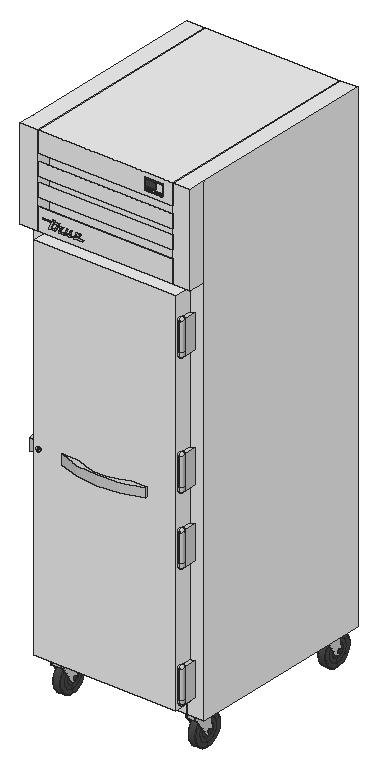
Revit family
Parameters
  Weight in Pounds = 0
  Watts = 1500 W
  Volts = 208 V
  URL Cutsheet = "www.truemfg.com"
  URL = "www.truemfg.com"
  Type Mark [instance] = ""
  Type Comments = ""
  Status [instance] = ""
  Specification by User [instance] = ""
  Specification by Manufacturer = ""
  Show Seismic Flanged [instance] = no
  Show Logo [instance] = yes
  Show Legs [instance] = no
  Show Clearance [instance] = yes
  Serial Number = ""
  Seismic Rating = ""
  Seismic Plate [instance] = and(Show Seismic Flanged, not(Show Casters))  # no
  SMACNA No = ""
  Revision Code [instance] = ""
  Phase = 1
  Omniclass Number and Title = ""
  Number of Poles [instance] = 1
  NAFEM Spec ID Number = ""
  Model = "STA1H-1S"
  Min Ckt Ampacity = 0 A
  Max Overcurrent Protection = 0 A
  Masterspec = ""
  Manufacturer = "TRUE FOOD SERVICE EQUIPMENT, INC."
  Length = 27 1/2"
  Legs [instance] = or(Show Legs, Show Seismic Flanged)  # no
  Item Number [instance] = ""
  Installed By [instance] = ""
  Identify Quantity as Lot [instance] = yes
  Height = 77 3/4"
  HP = ""
  Furnished By [instance] = ""
  Foodservice Equipment Identifier [instance] = yes
  FL Amps = Watts / Volts  # 7.21154 A
  Electrical Remarks [instance] = ""
  Electric Connection Type [instance] = ""
  Elec Conn RI Height [instance] = 0"
  Elec Conn Connection Height [instance] = 0"
  Description = "Reach-in Solid Swing Door Heated Cabinet"
  Depth = 33 3/4"
  Cycle = 60 Hz
  Conn Plug = "6-15P"
  Conn Conduit = yes
  Show Casters [instance] = and(not(if(Show Legs, Show Legs, Show Legs)), not(if(Show Legs, Show Legs, Show Seismic Flanged)))  # yes
  CSI MasterFormat = ""
  CSI Master Format = ""
  Apparent Power = if(Phase = 3, Volts * FL Amps * 1.73, Volts * FL Amps)  # 1500 VA
Reference planes (in)
  plane 1 "BACK": y = 0
  plane 2: z = 0
  plane 3 "LEFT": x = 0
  plane 4 "RIGHT": x = 27.5
  plane 5 "FRONT": y = -33.75
  plane 6 "TOP": z = 84.125
  plane 7: z = 6.125
  plane 8: x = 2.84375
  plane 9: y = -33.7042
Forms (in)
  Extrusion 1, solid, material "QF_Finishes_Chrome - Satin"
    sketch origin (0.05, 0, 0) x (1, 0, 0) y (0, 1, 0)
      loop
        line (-0.05, 0) -> (-0.05, -31) -> (2.87859, -31) -> (2.87859, 0) -> (-0.05, 0)
    from 6.125 to 84.125
  Extrusion 2, solid, material "QF_Finishes_Chrome - Satin"
    sketch origin (50.15, 0, 0) x (1, 0, 0) y (0, 1, 0)
      loop
        line (-25.44375, 0) -> (-25.44375, -31) -> (-22.65, -31) -> (-22.65, 0) -> (-25.44375, 0)
    from 6.125 to 84.125
  Extrusion 3, solid, material "QF_Finishes_Chrome - Satin"
    sketch origin (0, 0, 0) x (0, 1, 0) y (0, 0, 1)
      loop
        line (-33.7042, 69.5) -> (-31, 69.5) -> (-31, 6.125) -> (0, 6.125) -> (0, 84.125) -> (-33.7042, 84.125) -> (-33.7042, 80.78078) -> (-31.5, 79.21352) -> (-31.5, 78.09125) -> (-33.7042, 79.65851) -> (-33.7042, 77.5248) -> (-31.5, 75.95754) -> (-31.5, 74.99678) -> (-33.7042, 76.56404) -> (-33.7042, 74.46784) -> (-31.5, 72.90057) -> (-31.5, 71.625) -> (-33.7042, 73.19226) -> (-33.7042, 69.5)
    from 2.92859 to 24.70625
  Extrusion 4, solid, material "QF_Finishes_Chrome - Satin"
    sketch origin (0, 0, 0) x (1, 0, 0) y (0, 1, 0)
      loop
        line (27.45312, -31) -> (24.70625, -31) -> (24.70625, -33.75) -> (27.45312, -33.75) -> (27.45312, -31)
    from 69.5 to 84.125
  Extrusion 5, solid, material "QF_Finishes_Chrome - Satin"
    sketch origin (-50.125, 0, 0.25) x (1, 0, 0) y (0, 1, 0)
      loop
        line (53.05359, -31) -> (50.17188, -31) -> (50.17188, -33.75) -> (53.05359, -33.75) -> (53.05359, -31)
    from 69.25 to 83.875
  Extrusion 6, solid, material "QF_Finishes_Chrome - Satin"
    sketch origin (-24.96875, 0, -0.71875) x (1, 0, 0) y (0, 0, 1)
      loop
        line (27.25, 8.75) -> (50.1875, 8.75) -> (50.1875, 68.6875) -> (27.25, 68.6875) -> (27.25, 8.75)
    from 31 to 33.75
  Extrusion 7, solid, material "QF_Finishes_Handrails and Railings"
    sketch origin (60.7921, -0.25, 26.37269) x (1, 0, 0) y (0, 1, 0)
      loop
        arc (-42.6421, -33.5) -> (-47.0421, -34.65816) -> (-51.44209, -33.5) r 8.93715
        line (-51.44209, -33.5) -> (-53.84209, -33.5) -> (-53.84209, -33.7)
        arc (-53.84209, -33.7) -> (-47.0421, -35.14405) -> (-40.2421, -33.7) r 16.7325
        line (-40.2421, -33.7) -> (-40.2421, -33.5) -> (-42.6421, -33.5)
    from 10.87731 to 12.37731
  Extrusion 8, solid, material "QF_Finishes_Handrails and Railings"
    sketch origin (-23.375, 0, -2) x (1, 0, 0) y (0, 0, 1)
      loop
        circle (26.4375, 40.0625) r 0.35
      loop
        line (26.47265, 40.33635) -> (26.41715, 40.33635) -> (26.41715, 39.76895) -> (26.47265, 39.76895) -> (26.47265, 40.33635)
    from 33.5 to 33.83066
  Extrusion 9, solid, material "QF_Finishes_Handrails and Railings", visible <- "Show Logo"
    sketch origin (0.33478, 1.08173, -6.73143) x (1, 0, 0) y (0, 0, 1)
      loop
        line (3.46044, 78.46231) -> (3.35478, 78.23573) -> (4.76027, 78.23573)
        arc (4.76027, 78.23573) -> (4.78879, 78.18528) -> (4.76027, 78.13484) r 0.05887
        line (4.76027, 78.13484) -> (4.39369, 77.34872)
        arc (4.39369, 77.34872) -> (4.39051, 77.27591) -> (4.43975, 77.22217) r 0.09523
        line (4.43975, 77.22217) -> (5.33844, 77.22217)
        arc (5.33844, 77.22217) -> (5.45192, 77.25795) -> (5.52436, 77.35235) r 0.19785
        line (5.52436, 77.35235) -> (5.81285, 77.97101) -> (6.0779, 77.97101)
        arc (6.0779, 77.97101) -> (6.14744, 77.94543) -> (6.13737, 77.87203) r 0.05911
        line (6.13737, 77.87203) -> (5.89598, 77.35437)
        arc (5.89598, 77.35437) -> (5.89974, 77.2684) -> (5.97231, 77.22217) r 0.09318
        line (5.97231, 77.22217) -> (6.76198, 77.22217)
        arc (6.76198, 77.22217) -> (6.82249, 77.24419) -> (6.85468, 77.29995) r 0.09412
        arc (6.85468, 77.29995) -> (6.87746, 77.24495) -> (6.93246, 77.22217) r 0.07778
        line (6.93246, 77.22217) -> (7.43246, 77.22217)
        arc (7.43246, 77.22217) -> (7.49022, 77.23765) -> (7.53251, 77.27993) r 0.11552
        arc (7.53251, 77.27993) -> (7.55275, 77.23106) -> (7.60162, 77.21081) r 0.06912
        line (7.60162, 77.21081) -> (8.31225, 77.21081)
        arc (8.31225, 77.21081) -> (8.37034, 77.23488) -> (8.39441, 77.29297) r 0.08216
        arc (8.39441, 77.29297) -> (8.44767, 77.23972) -> (8.52042, 77.22022) r 0.14551
        line (8.52042, 77.22022) -> (9.85158, 77.22022) -> (9.99946, 77.47634) -> (8.65678, 77.47634)
        arc (8.65678, 77.47634) -> (8.61972, 77.50204) -> (8.61834, 77.54711) r 0.05009
        line (8.61834, 77.54711) -> (8.64157, 77.59692)
        arc (8.64157, 77.59692) -> (8.67723, 77.64364) -> (8.73327, 77.66135) r 0.09747
        line (8.73327, 77.66135) -> (9.16485, 77.66135)
        arc (9.16485, 77.66135) -> (9.258, 77.68631) -> (9.32619, 77.7545) r 0.1863
        line (9.32619, 77.7545) -> (9.45119, 77.97101)
        arc (9.45119, 77.97101) -> (9.45119, 78.08657) -> (9.35111, 78.14434) r 0.11556
        line (9.35111, 78.14434) -> (8.89562, 78.14434)
        arc (8.89562, 78.14434) -> (8.7795, 78.12462) -> (8.69849, 78.03912) r 0.18605
        line (8.69849, 78.03912) -> (8.48204, 77.57493)
        arc (8.48204, 77.57493) -> (8.41815, 77.49167) -> (8.31806, 77.46011) r 0.1745
        line (8.31806, 77.46011) -> (7.84559, 77.46011)
        arc (7.84559, 77.46011) -> (7.78903, 77.52184) -> (7.79268, 77.60548) r 0.10939
        line (7.79268, 77.60548) -> (8.04395, 78.14434) -> (7.88403, 78.14434) -> (7.61781, 77.57344)
        arc (7.61781, 77.57344) -> (7.56609, 77.50603) -> (7.48505, 77.48048) r 0.14128
        line (7.48505, 77.48048) -> (7.15925, 77.48048)
        arc (7.15925, 77.48048) -> (7.10419, 77.55223) -> (7.116, 77.64189) r 0.11816
        line (7.116, 77.64189) -> (7.3503, 78.14434) -> (7.18514, 78.14434) -> (6.91546, 77.566)
        arc (6.91546, 77.566) -> (6.85285, 77.50339) -> (6.76733, 77.48048) r 0.17104
        line (6.76733, 77.48048) -> (6.29555, 77.48048)
        arc (6.29555, 77.48048) -> (6.21082, 77.51999) -> (6.20267, 77.61313) r 0.0935
        line (6.20267, 77.61313) -> (6.35774, 77.94569) -> (6.57695, 77.94569)
        arc (6.57695, 77.94569) -> (6.61395, 78.05717) -> (6.69267, 78.14434) r 0.2857
        line (6.69267, 78.14434) -> (5.83605, 78.14434)
        arc (5.83605, 78.14434) -> (5.74086, 78.12324) -> (5.67498, 78.05135) r 0.16212
        line (5.67498, 78.05135) -> (5.44279, 77.55341)
        arc (5.44279, 77.55341) -> (5.3894, 77.50002) -> (5.31647, 77.48048) r 0.14586
        line (5.31647, 77.48048) -> (4.80506, 77.48048)
        arc (4.80506, 77.48048) -> (4.76514, 77.53442) -> (4.77274, 77.60109) r 0.09155
        line (4.77274, 77.60109) -> (5.11018, 78.23573) -> (5.96155, 78.23573) -> (6.06721, 78.46231) -> (5.21584, 78.46231) -> (5.32149, 78.68888) -> (5.01862, 78.68888) -> (4.91297, 78.46231) -> (3.46044, 78.46231)
      loop
        arc (8.83805, 77.93863) -> (8.80119, 77.92875) -> (8.7742, 77.90176) r 0.07373
        line (8.7742, 77.90176) -> (8.75229, 77.83436)
        arc (8.75229, 77.83436) -> (8.76245, 77.80983) -> (8.78699, 77.79966) r 0.0347
        line (8.78699, 77.79966) -> (9.15948, 77.79966)
        arc (9.15948, 77.79966) -> (9.18632, 77.80561) -> (9.20812, 77.82234) r 0.0635
        line (9.20812, 77.82234) -> (9.22624, 77.90622)
        arc (9.22624, 77.90622) -> (9.22091, 77.92868) -> (9.20009, 77.93863) r 0.02676
        line (9.20009, 77.93863) -> (8.83805, 77.93863)
    from 34.76797 to 34.83173
  Extrusion 10, solid, material "QF_Finishes_White"
    sketch origin (-23.16691, 1.06376, 1.58022) x (1, 0, 0) y (0, 0, 1)
      loop
        line (43.31732, 81.73227) -> (43.31732, 79.98496) -> (46.22357, 79.98496) -> (46.22357, 81.73227) -> (43.31732, 81.73227)
    from 34.75 to 34.76797
  Extrusion 11, solid, material "QF_Finishes_Black"
    sketch origin (-23.16691, 1.06376, 1.58022) x (1, 0, 0) y (0, 0, 1)
      loop
        line (46.28607, 81.79477) -> (43.25482, 81.79477) -> (43.25482, 79.92246) -> (46.28607, 79.92246) -> (46.28607, 81.79477)
      loop
        spline (43.45482, 80.25372) -> (43.46333, 80.23754) -> (43.48831, 80.22247) -> (43.52804, 80.20952) -> (43.57982, 80.19959) -> (43.64011, 80.19335) -> (43.70482, 80.19122) -> (43.76952, 80.19335) -> (43.82982, 80.19959) -> (43.88159, 80.20952) -> (43.92132, 80.22247) -> (43.9463, 80.23754) -> (43.95482, 80.25372)
        spline (43.95482, 80.25372) -> (43.9463, 80.26989) -> (43.92132, 80.28497) -> (43.88159, 80.29791) -> (43.82982, 80.30784) -> (43.76952, 80.31409) -> (43.70482, 80.31622) -> (43.64011, 80.31409) -> (43.57982, 80.30784) -> (43.52804, 80.29791) -> (43.48831, 80.28497) -> (43.46333, 80.26989) -> (43.45482, 80.25372)
      loop
        spline (44.15083, 80.25372) -> (44.15935, 80.23754) -> (44.18432, 80.22247) -> (44.22405, 80.20952) -> (44.27583, 80.19959) -> (44.33612, 80.19335) -> (44.40083, 80.19122) -> (44.46553, 80.19335) -> (44.52583, 80.19959) -> (44.57761, 80.20952) -> (44.61734, 80.22247) -> (44.64231, 80.23754) -> (44.65083, 80.25372)
        spline (44.65083, 80.25372) -> (44.64231, 80.26989) -> (44.61734, 80.28497) -> (44.57761, 80.29791) -> (44.52583, 80.30784) -> (44.46553, 80.31409) -> (44.40083, 80.31622) -> (44.33612, 80.31409) -> (44.27583, 80.30784) -> (44.22405, 80.29791) -> (44.18432, 80.28497) -> (44.15935, 80.26989) -> (44.15083, 80.25372)
      loop
        spline (44.90083, 80.25372) -> (44.90935, 80.23754) -> (44.93432, 80.22247) -> (44.97405, 80.20952) -> (45.02583, 80.19959) -> (45.08612, 80.19335) -> (45.15083, 80.19122) -> (45.21553, 80.19335) -> (45.27583, 80.19959) -> (45.32761, 80.20952) -> (45.36734, 80.22247) -> (45.39231, 80.23754) -> (45.40083, 80.25372)
        spline (45.40083, 80.25372) -> (45.39231, 80.26989) -> (45.36734, 80.28497) -> (45.32761, 80.29791) -> (45.27583, 80.30784) -> (45.21553, 80.31409) -> (45.15083, 80.31622) -> (45.08612, 80.31409) -> (45.02583, 80.30784) -> (44.97405, 80.29791) -> (44.93432, 80.28497) -> (44.90935, 80.26989) -> (44.90083, 80.25372)
      loop
        line (43.45481, 81.59478) -> (43.45481, 80.59478) -> (45.15433, 80.59478) -> (45.15433, 81.59478) -> (43.45481, 81.59478)
      loop
        line (46.22357, 81.73227) -> (43.31732, 81.73227) -> (43.31732, 79.98496) -> (46.22357, 79.98496) -> (46.22357, 81.73227)
      loop
        spline (45.65083, 80.25372) -> (45.65935, 80.23754) -> (45.68432, 80.22247) -> (45.72405, 80.20952) -> (45.77583, 80.19959) -> (45.83612, 80.19335) -> (45.90083, 80.19122) -> (45.96553, 80.19335) -> (46.02583, 80.19959) -> (46.07761, 80.20952) -> (46.11734, 80.22247) -> (46.14231, 80.23754) -> (46.15083, 80.25372)
        spline (46.15083, 80.25372) -> (46.14231, 80.26989) -> (46.11734, 80.28497) -> (46.07761, 80.29791) -> (46.02583, 80.30784) -> (45.96553, 80.31409) -> (45.90083, 80.31622) -> (45.83612, 80.31409) -> (45.77583, 80.30784) -> (45.72405, 80.29791) -> (45.68432, 80.28497) -> (45.65935, 80.26989) -> (45.65083, 80.25372)
    from 34.76797 to 34.80335
  Extrusion 12, solid
    sketch origin (-25.125, 0, 0) x (1, 0, 0) y (0, 0, 1)
      loop
        circle (49.375, 82) r 0.25
    from 0 to 0.0625
  Blend 13, solid, material "QF_Finishes_Handrails and Railings"
    base sketch origin (27.53125, 0, 0) x (-1, 0, 0) y (0, 0, -1)
      loop
        line (25.25, -38.99169) -> (26, -38.99169) -> (26, -37.24169) -> (25.25, -37.24169) -> (25.25, -38.99169)
    top sketch origin (27.53125, 0, 0) x (-1, 0, 0) y (0, 0, -1)
      loop
        line (26.18223, -36.6441) -> (25.25, -36.6441) -> (25.25, -39.42643) -> (26.18223, -39.42643) -> (26.18223, -36.6441)
    from 33.57883 to 31
  Extrusion 14, solid, material "QF_Finishes_Handrails and Railings"
    sketch origin (26.1875, 0, 0) x (0, 1, 0) y (0, 0, -1)
      loop
        line (-31, -64.55229) -> (-31, -59.23627) -> (-33.25, -59.23627) -> (-33.25, -59.94848) -> (-32.81497, -59.94848) -> (-32.81497, -64.34776)
        arc (-32.81497, -64.34776) -> (-32.75506, -64.49238) -> (-32.61044, -64.55229) r 0.20453
        line (-32.61044, -64.55229) -> (-31, -64.55229)
    from 0.17506 to 1
  Revolve 15, solid, material "QF_Finishes_Handrails and Railings"
    sketch origin (25.6875, 0, 0) x (0, 1, 0) y (0, 0, -1)
      loop
        line (-33.26563, -60.00189) -> (-33.67229, -60.00189) -> (-33.67229, -64.4736)
        arc (-33.67229, -64.4736) -> (-33.53722, -64.72557) -> (-33.26563, -64.81483) r 0.3848
        line (-33.26563, -64.81483) -> (-33.26563, -60.00189)
      loop
        line (-33.26563, -59.94848) -> (-33.26563, -59.04781)
        arc (-33.26563, -59.04781) -> (-33.53264, -59.13383) -> (-33.67229, -59.37712) r 0.38884
        line (-33.67229, -59.37712) -> (-33.67229, -59.94848) -> (-33.26563, -59.94848)
      axis (-33.26563, -59.04781) -> (-33.26563, -64.81483)
    angle from 0 to 360
  Extrusion 16, solid, material "QF_Finishes_Handrails and Railings"
    sketch origin (27.5, 0, 0) x (-1, 0, 0) y (0, 0, -1)
      loop
        line (1.91491, -64.4736) -> (2.3125, -64.4736) -> (2.3125, -60.00079) -> (1.91491, -60.00079) -> (1.91491, -64.4736)
    from 32.81497 to 33.59495
  Extrusion 17, solid, material "QF_Finishes_Handrails and Railings"
    sketch origin (26.1875, 0, -19.5) x (0, 1, 0) y (0, 0, -1)
      loop
        line (-31, -64.55229) -> (-31, -59.23627) -> (-33.25, -59.23627) -> (-33.25, -59.94848) -> (-32.81497, -59.94848) -> (-32.81497, -64.34776)
        arc (-32.81497, -64.34776) -> (-32.75506, -64.49238) -> (-32.61044, -64.55229) r 0.20453
        line (-32.61044, -64.55229) -> (-31, -64.55229)
    from 0.17506 to 1
  Revolve 18, solid, material "QF_Finishes_Handrails and Railings"
    sketch origin (25.6875, 0, -19.5) x (0, 1, 0) y (0, 0, -1)
      loop
        line (-33.26563, -60.00189) -> (-33.67229, -60.00189) -> (-33.67229, -64.4736)
        arc (-33.67229, -64.4736) -> (-33.53722, -64.72557) -> (-33.26563, -64.81483) r 0.3848
        line (-33.26563, -64.81483) -> (-33.26563, -60.00189)
      loop
        line (-33.26563, -59.94848) -> (-33.26563, -59.04781)
        arc (-33.26563, -59.04781) -> (-33.53264, -59.13383) -> (-33.67229, -59.37712) r 0.38884
        line (-33.67229, -59.37712) -> (-33.67229, -59.94848) -> (-33.26563, -59.94848)
      axis (-33.26563, -59.04781) -> (-33.26563, -64.81483)
    angle from 0 to 360
  Extrusion 19, solid, material "QF_Finishes_Handrails and Railings"
    sketch origin (27.5, 0, -19.5) x (-1, 0, 0) y (0, 0, -1)
      loop
        line (1.91491, -64.4736) -> (2.3125, -64.4736) -> (2.3125, -60.00079) -> (1.91491, -60.00079) -> (1.91491, -64.4736)
    from 32.81497 to 33.59495
  Extrusion 20, solid, material "QF_Finishes_Handrails and Railings"
    sketch origin (26.1875, 0, -30.5) x (0, 1, 0) y (0, 0, -1)
      loop
        line (-31, -64.55229) -> (-31, -59.23627) -> (-33.25, -59.23627) -> (-33.25, -59.94848) -> (-32.81497, -59.94848) -> (-32.81497, -64.34776)
        arc (-32.81497, -64.34776) -> (-32.75506, -64.49238) -> (-32.61044, -64.55229) r 0.20453
        line (-32.61044, -64.55229) -> (-31, -64.55229)
    from 0.17506 to 1
  Revolve 21, solid, material "QF_Finishes_Handrails and Railings"
    sketch origin (25.6875, 0, -30.5) x (0, 1, 0) y (0, 0, -1)
      loop
        line (-33.26563, -60.00189) -> (-33.67229, -60.00189) -> (-33.67229, -64.4736)
        arc (-33.67229, -64.4736) -> (-33.53722, -64.72557) -> (-33.26563, -64.81483) r 0.3848
        line (-33.26563, -64.81483) -> (-33.26563, -60.00189)
      loop
        line (-33.26563, -59.94848) -> (-33.26563, -59.04781)
        arc (-33.26563, -59.04781) -> (-33.53264, -59.13383) -> (-33.67229, -59.37712) r 0.38884
        line (-33.67229, -59.37712) -> (-33.67229, -59.94848) -> (-33.26563, -59.94848)
      axis (-33.26563, -59.04781) -> (-33.26563, -64.81483)
    angle from 0 to 360
  Extrusion 22, solid, material "QF_Finishes_Handrails and Railings"
    sketch origin (27.5, 0, -30.5) x (-1, 0, 0) y (0, 0, -1)
      loop
        line (1.91491, -64.4736) -> (2.3125, -64.4736) -> (2.3125, -60.00079) -> (1.91491, -60.00079) -> (1.91491, -64.4736)
    from 32.81497 to 33.59495
  Extrusion 23, solid, material "QF_Finishes_Handrails and Railings"
    sketch origin (26.1875, 0, -50.25) x (0, 1, 0) y (0, 0, -1)
      loop
        line (-31, -64.55229) -> (-31, -59.23627) -> (-33.25, -59.23627) -> (-33.25, -59.94848) -> (-32.81497, -59.94848) -> (-32.81497, -64.34776)
        arc (-32.81497, -64.34776) -> (-32.75506, -64.49238) -> (-32.61044, -64.55229) r 0.20453
        line (-32.61044, -64.55229) -> (-31, -64.55229)
    from 0.17506 to 1
  Revolve 24, solid, material "QF_Finishes_Handrails and Railings"
    sketch origin (25.6875, 0, -50.25) x (0, 1, 0) y (0, 0, -1)
      loop
        line (-33.26563, -60.00189) -> (-33.67229, -60.00189) -> (-33.67229, -64.4736)
        arc (-33.67229, -64.4736) -> (-33.53722, -64.72557) -> (-33.26563, -64.81483) r 0.3848
        line (-33.26563, -64.81483) -> (-33.26563, -60.00189)
      loop
        line (-33.26563, -59.94848) -> (-33.26563, -59.04781)
        arc (-33.26563, -59.04781) -> (-33.53264, -59.13383) -> (-33.67229, -59.37712) r 0.38884
        line (-33.67229, -59.37712) -> (-33.67229, -59.94848) -> (-33.26563, -59.94848)
      axis (-33.26563, -59.04781) -> (-33.26563, -64.81483)
    angle from 0 to 360
  Extrusion 25, solid, material "QF_Finishes_Handrails and Railings"
    sketch origin (27.5, 0, -50.25) x (-1, 0, 0) y (0, 0, -1)
      loop
        line (1.91491, -64.4736) -> (2.3125, -64.4736) -> (2.3125, -60.00079) -> (1.91491, -60.00079) -> (1.91491, -64.4736)
    from 32.81497 to 33.59495
  Revolve 26, solid, material "QF_Finishes_Black", visible <- "Show Casters"
    sketch origin (22.65625, -27.375, 0) x (1, 0, 0) y (0, 0, 1)
      loop
        line (1.475, 5) -> (1.375, 4.9) -> (1.375, 4.29941) -> (1.53601, 4.29941) -> (1.53601, 3.54941) -> (1.375, 3.54941) -> (1.375, 2.79941) -> (0.975, 2.79941) -> (0.975, 2.5) -> (3.025, 2.5) -> (3.025, 2.79941) -> (2.62908, 2.79941) -> (2.62908, 3.54941) -> (2.46399, 3.54941) -> (2.46399, 4.29941) -> (2.62908, 4.29941) -> (2.62908, 4.89592) -> (2.525, 5) -> (1.475, 5)
      axis (3.025, 2.5) -> (0.975, 2.5)
    angle from 0 to 360
  Extrusion 27, solid, material "QF_Finishes_Handrails and Railings", visible <- "Show Casters"
    sketch origin (22.5625, 0, 0) x (0, 1, 0) y (0, 0, 1)
      loop
        line (-29.95136, 5.48574) -> (-29.95136, 4.88089) -> (-29.70136, 4.88089) -> (-27.95216, 2.18736)
        arc (-27.95216, 2.18736) -> (-27.23883, 1.94868) -> (-26.84581, 2.59003) r 0.60416
        line (-26.84581, 2.59003) -> (-27.20136, 5.48574) -> (-29.95136, 5.48574)
      loop
        line (-3.8577, 5.48574) -> (-3.8577, 4.88089) -> (-3.6077, 4.88089) -> (-1.8585, 2.18736)
        arc (-1.8585, 2.18736) -> (-1.14517, 1.94868) -> (-0.75215, 2.59003) r 0.60416
        line (-0.75215, 2.59003) -> (-1.1077, 5.48574) -> (-3.8577, 5.48574)
    from 1.175 to 1.325
  Extrusion 28, solid, material "QF_Finishes_Handrails and Railings", visible <- "Show Casters"
    sketch origin (24.0625, 0, 0) x (0, 1, 0) y (0, 0, 1)
      loop
        line (-29.95136, 5.48574) -> (-29.95136, 4.88089) -> (-29.70136, 4.88089) -> (-27.95216, 2.18736)
        arc (-27.95216, 2.18736) -> (-27.23883, 1.94868) -> (-26.84581, 2.59003) r 0.60416
        line (-26.84581, 2.59003) -> (-27.20136, 5.48574) -> (-29.95136, 5.48574)
      loop
        line (-3.8577, 5.48574) -> (-3.8577, 4.88089) -> (-3.6077, 4.88089) -> (-1.8585, 2.18736)
        arc (-1.8585, 2.18736) -> (-1.14517, 1.94868) -> (-0.75215, 2.59003) r 0.60416
        line (-0.75215, 2.59003) -> (-1.1077, 5.48574) -> (-3.8577, 5.48574)
    from 1.175 to 1.325
  Revolve 29, solid, material "QF_Finishes_Chrome - Satin", visible <- "Show Casters"
    sketch origin (22.65625, -28.5625, -0.5) x (1, 0, 0) y (0, 0, 1)
      loop
        line (2, 5.99546) -> (2, 6.62359) -> (0.70293, 6.62359) -> (0.70293, 5.99546) -> (2, 5.99546)
      axis (2, 5.99546) -> (2, 6.62359)
    angle from 0 to 360
  Revolve 30, solid, material "QF_Finishes_Chrome - Satin", visible <- "Legs"
    sketch origin (22.65625, -2.69102, 0) x (1, 0, 0) y (0, 0, 1)
      loop
        line (2, 6.125) -> (0.66662, 6.125) -> (1.25, 1) -> (1.5, 1) -> (1.5, 0) -> (2, 0) -> (2, 6.125)
      axis (2, 0) -> (2, 6.125)
    angle from 0 to 360
  Revolve 31, solid, material "QF_Finishes_Chrome - Satin", visible <- "Legs"
    sketch origin (22.65625, -28.65977, 0) x (1, 0, 0) y (0, 0, 1)
      loop
        line (2, 6.125) -> (0.66662, 6.125) -> (1.25, 1) -> (1.5, 1) -> (1.5, 0) -> (2, 0) -> (2, 6.125)
      axis (2, 0) -> (2, 6.125)
    angle from 0 to 360
  Revolve 32, solid, material "QF_Finishes_Chrome - Satin", visible <- "Show Casters"
    sketch origin (22.65625, -2.70321, -0.5) x (1, 0, 0) y (0, 0, 1)
      loop
        line (2, 5.99546) -> (2, 6.62359) -> (0.70293, 6.62359) -> (0.70293, 5.99546) -> (2, 5.99546)
      axis (2, 5.99546) -> (2, 6.62359)
    angle from 0 to 360
  Extrusion 33, solid, material "QF_Finishes_Handrails and Railings", visible <- "Show Casters"
    sketch origin (-25.21875, 0, 0) x (0, 1, 0) y (0, 0, 1)
      loop
        line (-29.95136, 5.48574) -> (-29.95136, 4.88089) -> (-29.70136, 4.88089) -> (-27.16533, 5.19227) -> (-27.20136, 5.48574) -> (-29.95136, 5.48574)
      loop
        line (-3.8577, 5.48574) -> (-3.8577, 4.88089) -> (-3.6077, 4.88089) -> (-1.07167, 5.19227) -> (-1.1077, 5.48574) -> (-3.8577, 5.48574)
    from 49.10625 to 50.45625
  Revolve 34, solid, material "QF_Finishes_Black", visible <- "Show Casters"
    sketch origin (22.65625, -1.21875, 0) x (1, 0, 0) y (0, 0, 1)
      loop
        line (1.475, 5) -> (1.375, 4.9) -> (1.375, 4.29941) -> (1.53601, 4.29941) -> (1.53601, 3.54941) -> (1.375, 3.54941) -> (1.375, 2.79941) -> (0.975, 2.79941) -> (0.975, 2.5) -> (3.025, 2.5) -> (3.025, 2.79941) -> (2.62908, 2.79941) -> (2.62908, 3.54941) -> (2.46399, 3.54941) -> (2.46399, 4.29941) -> (2.62908, 4.29941) -> (2.62908, 4.89592) -> (2.525, 5) -> (1.475, 5)
      axis (3.025, 2.5) -> (0.975, 2.5)
    angle from 0 to 360
  Revolve 35, solid, material "QF_Finishes_Black", visible <- "Show Casters"
    sketch origin (0.84375, -27.375, 0) x (1, 0, 0) y (0, 0, 1)
      loop
        line (1.475, 5) -> (1.375, 4.9) -> (1.375, 4.29941) -> (1.53601, 4.29941) -> (1.53601, 3.54941) -> (1.375, 3.54941) -> (1.375, 2.79941) -> (0.975, 2.79941) -> (0.975, 2.5) -> (3.025, 2.5) -> (3.025, 2.79941) -> (2.62908, 2.79941) -> (2.62908, 3.54941) -> (2.46399, 3.54941) -> (2.46399, 4.29941) -> (2.62908, 4.29941) -> (2.62908, 4.89592) -> (2.525, 5) -> (1.475, 5)
      axis (3.025, 2.5) -> (0.975, 2.5)
    angle from 0 to 360
  Extrusion 36, solid, material "QF_Finishes_Handrails and Railings", visible <- "Show Casters"
    sketch origin (0.84375, 0, 0) x (0, 1, 0) y (0, 0, 1)
      loop
        line (-29.95136, 5.48574) -> (-29.95136, 4.88089) -> (-29.70136, 4.88089) -> (-27.95216, 2.18736)
        arc (-27.95216, 2.18736) -> (-27.23883, 1.94868) -> (-26.84581, 2.59003) r 0.60416
        line (-26.84581, 2.59003) -> (-27.20136, 5.48574) -> (-29.95136, 5.48574)
      loop
        line (-3.8577, 5.48574) -> (-3.8577, 4.88089) -> (-3.6077, 4.88089) -> (-1.8585, 2.18736)
        arc (-1.8585, 2.18736) -> (-1.14517, 1.94868) -> (-0.75215, 2.59003) r 0.60416
        line (-0.75215, 2.59003) -> (-1.1077, 5.48574) -> (-3.8577, 5.48574)
    from 1.175 to 1.325
  Extrusion 37, solid, material "QF_Finishes_Handrails and Railings", visible <- "Show Casters"
    sketch origin (2.34375, 0, 0) x (0, 1, 0) y (0, 0, 1)
      loop
        line (-29.95136, 5.48574) -> (-29.95136, 4.88089) -> (-29.70136, 4.88089) -> (-27.95216, 2.18736)
        arc (-27.95216, 2.18736) -> (-27.23883, 1.94868) -> (-26.84581, 2.59003) r 0.60416
        line (-26.84581, 2.59003) -> (-27.20136, 5.48574) -> (-29.95136, 5.48574)
      loop
        line (-3.8577, 5.48574) -> (-3.8577, 4.88089) -> (-3.6077, 4.88089) -> (-1.8585, 2.18736)
        arc (-1.8585, 2.18736) -> (-1.14517, 1.94868) -> (-0.75215, 2.59003) r 0.60416
        line (-0.75215, 2.59003) -> (-1.1077, 5.48574) -> (-3.8577, 5.48574)
    from 1.175 to 1.325
  Revolve 38, solid, material "QF_Finishes_Chrome - Satin", visible <- "Show Casters"
    sketch origin (0.84375, -28.5625, -0.5) x (1, 0, 0) y (0, 0, 1)
      loop
        line (2, 5.99546) -> (2, 6.62359) -> (0.70293, 6.62359) -> (0.70293, 5.99546) -> (2, 5.99546)
      axis (2, 5.99546) -> (2, 6.62359)
    angle from 0 to 360
  Revolve 39, solid, material "QF_Finishes_Chrome - Satin", visible <- "Legs"
    sketch origin (0.84375, -2.69102, 0) x (1, 0, 0) y (0, 0, 1)
      loop
        line (2, 6.125) -> (0.66662, 6.125) -> (1.25, 1) -> (1.5, 1) -> (1.5, 0) -> (2, 0) -> (2, 6.125)
      axis (2, 0) -> (2, 6.125)
    angle from 0 to 360
  Revolve 40, solid, material "QF_Finishes_Chrome - Satin", visible <- "Legs"
    sketch origin (0.84375, -28.65977, 0) x (1, 0, 0) y (0, 0, 1)
      loop
        line (2, 6.125) -> (0.66662, 6.125) -> (1.25, 1) -> (1.5, 1) -> (1.5, 0) -> (2, 0) -> (2, 6.125)
      axis (2, 0) -> (2, 6.125)
    angle from 0 to 360
  Revolve 41, solid, material "QF_Finishes_Chrome - Satin", visible <- "Show Casters"
    sketch origin (0.84375, -2.70321, -0.5) x (1, 0, 0) y (0, 0, 1)
      loop
        line (2, 5.99546) -> (2, 6.62359) -> (0.70293, 6.62359) -> (0.70293, 5.99546) -> (2, 5.99546)
      axis (2, 5.99546) -> (2, 6.62359)
    angle from 0 to 360
  Extrusion 42, solid, material "QF_Finishes_Handrails and Railings", visible <- "Show Casters"
    sketch origin (-46.9375, 0, 0) x (0, 1, 0) y (0, 0, 1)
      loop
        line (-29.95136, 5.48574) -> (-29.95136, 4.88089) -> (-29.70136, 4.88089) -> (-27.16533, 5.19227) -> (-27.20136, 5.48574) -> (-29.95136, 5.48574)
      loop
        line (-3.8577, 5.48574) -> (-3.8577, 4.88089) -> (-3.6077, 4.88089) -> (-1.07167, 5.19227) -> (-1.1077, 5.48574) -> (-3.8577, 5.48574)
    from 49.10625 to 50.45625
  Revolve 43, solid, material "QF_Finishes_Black", visible <- "Show Casters"
    sketch origin (0.84375, -1.21875, 0) x (1, 0, 0) y (0, 0, 1)
      loop
        line (1.475, 5) -> (1.375, 4.9) -> (1.375, 4.29941) -> (1.53601, 4.29941) -> (1.53601, 3.54941) -> (1.375, 3.54941) -> (1.375, 2.79941) -> (0.975, 2.79941) -> (0.975, 2.5) -> (3.025, 2.5) -> (3.025, 2.79941) -> (2.62908, 2.79941) -> (2.62908, 3.54941) -> (2.46399, 3.54941) -> (2.46399, 4.29941) -> (2.62908, 4.29941) -> (2.62908, 4.89592) -> (2.525, 5) -> (1.475, 5)
      axis (3.025, 2.5) -> (0.975, 2.5)
    angle from 0 to 360
  Extrusion 44, solid, material "QF_Finishes_Door Clearance", visible <- "Show Clearance", detail levels coarse
    sketch origin (26.42841, -3.6098, 0) x (1, 0, 0) y (0, 1, 0)
      loop
        arc (-24.14716, -30.1402) -> (-17.42892, -46.35946) -> (-1.20966, -53.0777) r 22.9375
        line (-1.20966, -53.0777) -> (-1.20966, -30.1402) -> (-24.14716, -30.1402)
    from 8.03125 to 67.96875
  Extrusion 45, solid, material "QF_Finishes_Chrome - Satin", visible <- "Seismic Plate"
    sketch origin (-0.22541, -26.96562, 0) x (1, 0, 0) y (0, 1, 0)
      loop
        circle (3.06916, -1.69416) r 1.5
    from 0 to 0.25
  Extrusion 46, solid, material "QF_Finishes_Chrome - Satin", visible <- "Seismic Plate"
    sketch origin (-0.22541, -0.99687, 0) x (1, 0, 0) y (0, 1, 0)
      loop
        circle (3.06916, -1.69416) r 1.5
    from 0 to 0.25
  Extrusion 47, solid, material "QF_Finishes_Chrome - Satin", visible <- "Seismic Plate"
    sketch origin (21.49334, -0.99687, 0) x (1, 0, 0) y (0, 1, 0)
      loop
        circle (3.16291, -1.69416) r 1.5
    from 0 to 0.25
  Extrusion 48, solid, material "QF_Finishes_Chrome - Satin", visible <- "Seismic Plate"
    sketch origin (21.49334, -26.96562, 0) x (1, 0, 0) y (0, 1, 0)
      loop
        circle (3.16291, -1.69416) r 1.5
    from 0 to 0.25
Cuts and joins
  joined: Extrusion 1, Extrusion 2, Extrusion 4, Extrusion 5
Lines and regions (in)
  symbolic lines
    curve 1: line (0, 0, 0) -> (27.5, 0, 0)
    curve 2: line (0, -33.75, 0) -> (0, 0, 0)
    curve 3: line (27.5, -33.75, 0) -> (0, -33.75, 0)
    curve 4: line (27.5, 0, 0) -> (27.5, -33.75, 0)
    curve 5: line (27.5, -31.5, 0) -> (0, -31.5, 0)
    curve 22: arc (18.20746, -33.75, 0) -> (13.80746, -34.90816, 0) -> (9.40746, -33.75, 0) r 8.93715
    curve 23: arc (7.00746, -33.95, 0) -> (13.80746, -35.39405, 0) -> (20.60746, -33.95, 0) r 16.7325
    curve 24: line (7.00746, -33.75, 0) -> (7.00746, -33.95, 0)
    curve 25: line (20.60746, -33.95, 0) -> (20.60746, -33.75, 0)
  symbolic lines, style "SpecialityEquipmentHiddenLines", visible <- "Show Casters"
    curve 6: line (3.82597, -24.4208, 0) -> (5.12501, -25.1708, 0)
    curve 7: line (1.20097, -28.96743, 0) -> (3.82597, -24.4208, 0)
    curve 8: line (2.50001, -29.71743, 0) -> (1.20097, -28.96743, 0)
    curve 9: line (5.12501, -25.1708, 0) -> (2.50001, -29.71743, 0)
    curve 10: line (3.82597, -0.4208, 0) -> (5.12501, -1.1708, 0)
    curve 11: line (1.20097, -4.96743, 0) -> (3.82597, -0.4208, 0)
    curve 12: line (2.50001, -5.71743, 0) -> (1.20097, -4.96743, 0)
    curve 13: line (5.12501, -1.1708, 0) -> (2.50001, -5.71743, 0)
    curve 14: line (24.73343, -0.4208, 0) -> (26.03247, -1.1708, 0)
    curve 15: line (22.10843, -4.96743, 0) -> (24.73343, -0.4208, 0)
    curve 16: line (23.40747, -5.71743, 0) -> (22.10843, -4.96743, 0)
    curve 17: line (26.03247, -1.1708, 0) -> (23.40747, -5.71743, 0)
    curve 18: line (24.82718, -24.52487, 0) -> (26.12622, -25.27487, 0)
    curve 19: line (22.20218, -29.07151, 0) -> (24.82718, -24.52487, 0)
    curve 20: line (23.50122, -29.82151, 0) -> (22.20218, -29.07151, 0)
    curve 21: line (26.12622, -25.27487, 0) -> (23.50122, -29.82151, 0)
  symbolic lines, style "QF-Door Swings", visible <- "Show Clearance", detail levels coarse
    curve 26: line (25.21875, -33.75, 0) -> (25.21875, -56.6875, 0)
    curve 27: arc (25.21875, -56.6875, 0) -> (8.99949, -49.96926, 0) -> (2.28125, -33.75, 0) r 22.9375
Dimensions and locks (in)
  "Depth": plane 5 "FRONT" to plane 1 "BACK"
  plane 7 to level = 6 1/8"
  plane 6 "TOP" to level = 84 1/8"
  plane 6 "TOP" to plane 7 = 78"
  plane 6 "TOP" to cut or joined group of Extrusion 1, Extrusion 2, Extrusion 4, Extrusion 5 = 14 5/8"
  Extrusion 6 sketch curve to Extrusion 6 sketch curve = 22 15/16"
  Extrusion 6 to plane 1 "BACK" = 33 3/4"
  "Length": plane 3 "LEFT" to plane 4 "RIGHT"
  plane 4 "RIGHT" to plane 3 "LEFT" = 27 1/2"
  locked: Extrusion 6 to Extrusion 44 at 22.9375
  locked: cut or joined group of Extrusion 1, Extrusion 2, Extrusion 4, Extrusion 5 to cut or joined group of Extrusion 1, Extrusion 2, Extrusion 4, Extrusion 5 at 27.40625
  Extrusion 7 to Extrusion 44 = 29 7/32"
  Extrusion 44 to Extrusion 7 = 29 7/32"
  aligned and locked: level to plane 2
Automatic sketch dimensions
  plane 1 "BACK" to curve 1 = 0"
  curve 1 to plane 3 "LEFT" = 0"
  plane 5 "FRONT" to curve 27 = 0"
  curve 3 to plane 4 "RIGHT" = 0"
  plane 3 "LEFT" to curve 11 = 1.20097"
  plane 3 "LEFT" to curve 8 = 1.20097"
  curve 27 to plane 8 = 9/16"
  curve 13 to plane 8 = 11/32"
  curve 8 to plane 8 = 11/32"
  plane 1 "BACK" to curve 11 = 0.4208"
  plane 8 to curve 11 = 0.98222"
  plane 8 to curve 7 = 0.98222"
  plane 5 "FRONT" to curve 23 = 0.2"
  plane 8 to curve 23 = 4.16371"
  curve 24 to curve 22 = 2.4"
  plane 8 to curve 23 = 10.96371"
  curve 6 to curve 22 = 8.68246"
  plane 5 "FRONT" to curve 25 = 0.2"
  curve 16 to plane 4 "RIGHT" = 5.39157"
  curve 19 to plane 4 "RIGHT" = 5.29782"
  curve 15 to curve 17 = 1.29904"
  curve 19 to curve 21 = 1.29904"
  plane 1 "BACK" to curve 15 = 0.4208"
  curve 15 to plane 4 "RIGHT" = 2.76657"
  curve 18 to plane 4 "RIGHT" = 2.67282"
  curve 27 to plane 4 "RIGHT" = 2 9/32"
  curve 5 to plane 5 "FRONT" = 2 1/4"
  curve 21 to plane 5 "FRONT" = 3.92849"
  curve 5 to curve 8 = 1.78257"
  curve 20 to curve 20 = 3/4"
  curve 8 to curve 7 = 3/4"
  curve 22 to curve 6 = 0.80021"
  curve 22 to curve 23 = 7.30945"
  curve 12 to curve 10 = 5.29663"
  curve 16 to curve 14 = 5.29663"
  Extrusion 1 sketch curve to plane 3 "LEFT" = 0"
  plane 1 "BACK" to Extrusion 1 sketch curve = 0"
  plane 8 to Extrusion 1 sketch curve = 0.08484"
  Extrusion 1 sketch curve to plane 5 "FRONT" = 2 3/4"
  plane 1 "BACK" to Extrusion 2 sketch curve = 0"
  Extrusion 2 sketch curve to plane 4 "RIGHT" = 0"
  Extrusion 2 sketch curve to plane 4 "RIGHT" = 2.79375"
  Extrusion 2 sketch curve to plane 5 "FRONT" = 2 3/4"
  Extrusion 3 sketch curve to plane 9 = 0"  (x4)
  Extrusion 3 sketch curve to plane 6 "TOP" = 0"
  plane 9 to Extrusion 3 sketch curve = 2.2042"  (x2)
  Extrusion 3 sketch curve to Extrusion 3 sketch curve = 0"
  Extrusion 3 sketch curve to Extrusion 3 sketch curve = 1/2"
  plane 1 "BACK" to Extrusion 3 sketch curve = 0"
  Extrusion 3 sketch curve to plane 6 "TOP" = 3.34422"
  Extrusion 3 sketch curve to Extrusion 3 sketch curve = 1.12227"  (x2)
  Extrusion 3 sketch curve to Extrusion 3 sketch curve = 0.445"
  Extrusion 3 sketch curve to Extrusion 3 sketch curve = 2.13371"  (x2)
  Extrusion 3 sketch curve to Extrusion 3 sketch curve = 0.96076"  (x2)
  Extrusion 3 sketch curve to Extrusion 3 sketch curve = 2.0962"  (x2)
  Extrusion 3 sketch curve to Extrusion 3 sketch curve = 1.27557"  (x2)
  Extrusion 3 sketch curve to Extrusion 3 sketch curve = 2 1/8"
  Extrusion 3 sketch curve to plane 7 = 0"
  plane 5 "FRONT" to Extrusion 4 sketch curve = 0"
  Extrusion 4 sketch curve to plane 4 "RIGHT" = 2.79375"
  Extrusion 4 sketch curve to plane 4 "RIGHT" = 3/64"
  Extrusion 4 sketch curve to plane 5 "FRONT" = 2 3/4"
  plane 5 "FRONT" to Extrusion 5 sketch curve = 0"
  plane 3 "LEFT" to Extrusion 5 sketch curve = 3/64"
  plane 8 to Extrusion 5 sketch curve = 0.08484"
  Extrusion 5 sketch curve to plane 5 "FRONT" = 2 3/4"
  plane 8 to Extrusion 8 sketch curve = 0.1984"
  plane 8 to Extrusion 8 sketch curve = 7/32"
  Extrusion 8 sketch curve to Extrusion 8 sketch curve = 0.0555"
  plane 7 to Extrusion 8 sketch curve = 31.64395"
  Extrusion 8 sketch curve to Extrusion 8 sketch curve = 0.29355"
  Extrusion 8 sketch curve to Extrusion 8 sketch curve = 0.27385"
  plane 8 to Extrusion 9 sketch curve = 0.84582"
  Extrusion 9 sketch curve to Extrusion 9 sketch curve = 0.10565"  (x5)
  Extrusion 9 sketch curve to Extrusion 9 sketch curve = 1.03891"
  Extrusion 9 sketch curve to Extrusion 9 sketch curve = 0.04606"
  Extrusion 9 sketch curve to Extrusion 9 sketch curve = 0.04025"
  Extrusion 9 sketch curve to Extrusion 9 sketch curve = 0.33624"
  Extrusion 9 sketch curve to Extrusion 9 sketch curve = 0.03034"  (x2)
  Extrusion 9 sketch curve to Extrusion 9 sketch curve = 0.29274"
  Extrusion 9 sketch curve to Extrusion 9 sketch curve = 0.03232"
  Extrusion 9 sketch curve to Extrusion 9 sketch curve = 0.08083"
  Extrusion 9 sketch curve to Extrusion 9 sketch curve = 0.1527"
  Extrusion 9 sketch curve to Extrusion 9 sketch curve = 0.19721"
  Extrusion 9 sketch curve to Extrusion 9 sketch curve = 0.4629"
  Extrusion 9 sketch curve to Extrusion 9 sketch curve = 0.02197"
  Extrusion 9 sketch curve to Extrusion 9 sketch curve = 0.12632"
  Extrusion 9 sketch curve to Extrusion 9 sketch curve = 0.18591"
  Extrusion 9 sketch curve to Extrusion 9 sketch curve = 0.2322"
  Extrusion 9 sketch curve to Extrusion 9 sketch curve = 0.13786"
  Extrusion 9 sketch curve to Extrusion 9 sketch curve = 0.00907"
  Extrusion 9 sketch curve to Extrusion 9 sketch curve = 0.01413"
  Extrusion 9 sketch curve to Extrusion 9 sketch curve = 0.37162"
  Extrusion 9 sketch curve to Extrusion 9 sketch curve = 0.12551"
  Extrusion 9 sketch curve to Extrusion 9 sketch curve = 0.07633"
  Extrusion 9 sketch curve to Extrusion 9 sketch curve = 0.08445"
  Extrusion 9 sketch curve to Extrusion 9 sketch curve = 0.25598"
  Extrusion 9 sketch curve to Extrusion 9 sketch curve = 0.01887"
  Extrusion 9 sketch curve to Extrusion 9 sketch curve = 0.04061"
  Extrusion 9 sketch curve to Extrusion 9 sketch curve = 0.0653"
  Extrusion 9 sketch curve to Extrusion 9 sketch curve = 0.08474"
  Extrusion 9 sketch curve to Extrusion 9 sketch curve = 0.00815"
  Extrusion 9 sketch curve to Extrusion 9 sketch curve = 0.22037"
  Extrusion 9 sketch curve to Extrusion 9 sketch curve = 0.21921"
  Extrusion 9 sketch curve to Extrusion 9 sketch curve = 0.11572"
  Extrusion 9 sketch curve to Extrusion 9 sketch curve = 0.46643"
  Extrusion 9 sketch curve to Extrusion 9 sketch curve = 0.00535"
  Extrusion 9 sketch curve to Extrusion 9 sketch curve = 0.09269"
  Extrusion 9 sketch curve to Extrusion 9 sketch curve = 0.09348"
  Extrusion 9 sketch curve to Extrusion 9 sketch curve = 0.14812"
  Extrusion 9 sketch curve to Extrusion 9 sketch curve = 0.07778"  (x3)
  Extrusion 9 sketch curve to Extrusion 9 sketch curve = 0.20054"
  Extrusion 9 sketch curve to Extrusion 9 sketch curve = 0.04325"
  Extrusion 9 sketch curve to Extrusion 9 sketch curve = 0.32433"
  Extrusion 9 sketch curve to Extrusion 9 sketch curve = 0.10233"  (x2)
  Extrusion 9 sketch curve to Extrusion 9 sketch curve = 0.16515"
  Extrusion 9 sketch curve to Extrusion 9 sketch curve = 0.27321"
  Extrusion 9 sketch curve to Extrusion 9 sketch curve = 0.0526"
  Extrusion 9 sketch curve to Extrusion 9 sketch curve = 0.10005"
  Extrusion 9 sketch curve to Extrusion 9 sketch curve = 0.06912"
  Extrusion 9 sketch curve to Extrusion 9 sketch curve = 0.13276"
  Extrusion 9 sketch curve to Extrusion 9 sketch curve = 0.17486"
  Extrusion 9 sketch curve to Extrusion 9 sketch curve = 0.05291"
  Extrusion 9 sketch curve to Extrusion 9 sketch curve = 0.53374"
  Extrusion 9 sketch curve to Extrusion 9 sketch curve = 0.09914"  (x2)
  Extrusion 9 sketch curve to Extrusion 9 sketch curve = 0.15992"
  Extrusion 9 sketch curve to Extrusion 9 sketch curve = 0.46666"
  Extrusion 9 sketch curve to Extrusion 9 sketch curve = 0.00582"
  Extrusion 9 sketch curve to Extrusion 9 sketch curve = 0.08216"
  Extrusion 9 sketch curve to Extrusion 9 sketch curve = 0.16397"
  Extrusion 9 sketch curve to Extrusion 9 sketch curve = 0.12601"
  Extrusion 9 sketch curve to Extrusion 9 sketch curve = 0.1363"
  Extrusion 9 sketch curve to Extrusion 9 sketch curve = 0.02323"
  Extrusion 9 sketch curve to Extrusion 9 sketch curve = 0.03844"
  Extrusion 9 sketch curve to Extrusion 9 sketch curve = 0.0454"
  Extrusion 9 sketch curve to Extrusion 9 sketch curve = 0.05693"
  Extrusion 9 sketch curve to Extrusion 9 sketch curve = 0.0917"
  Extrusion 9 sketch curve to Extrusion 9 sketch curve = 0.01902"
  Extrusion 9 sketch curve to Extrusion 9 sketch curve = 0.02191"
  Extrusion 9 sketch curve to Extrusion 9 sketch curve = 0.0347"
  Extrusion 9 sketch curve to Extrusion 9 sketch curve = 0.06385"
  Extrusion 9 sketch curve to Extrusion 9 sketch curve = 0.02906"
  Extrusion 9 sketch curve to Extrusion 9 sketch curve = 0.02851"
  Extrusion 9 sketch curve to Extrusion 9 sketch curve = 0.29237"
  Extrusion 9 sketch curve to Extrusion 9 sketch curve = 0.00537"
  Extrusion 9 sketch curve to Extrusion 9 sketch curve = 0.0406"
  Extrusion 9 sketch curve to Extrusion 9 sketch curve = 0.04327"
  Extrusion 9 sketch curve to Extrusion 9 sketch curve = 0.02615"
  Extrusion 9 sketch curve to Extrusion 9 sketch curve = 0.11806"
  Extrusion 9 sketch curve to Extrusion 9 sketch curve = 0.15103"
  Extrusion 9 sketch curve to Extrusion 9 sketch curve = 0.10007"
  Extrusion 9 sketch curve to Extrusion 9 sketch curve = 0.5254"
  Extrusion 9 sketch curve to Extrusion 9 sketch curve = 0.14787"
  Extrusion 9 sketch curve to plane 6 "TOP" = 13.64562"
  Extrusion 9 sketch curve to Extrusion 9 sketch curve = 0.07275"
  Extrusion 9 sketch curve to Extrusion 9 sketch curve = 0.05776"
  Extrusion 9 sketch curve to Extrusion 9 sketch curve = 0.08631"
  Extrusion 9 sketch curve to Extrusion 9 sketch curve = 0.09282"
  Extrusion 9 sketch curve to Extrusion 9 sketch curve = 0.13018"
  Extrusion 9 sketch curve to Extrusion 9 sketch curve = 0.16714"
  Extrusion 9 sketch curve to Extrusion 9 sketch curve = 0.11061"
  Extrusion 9 sketch curve to Extrusion 9 sketch curve = 0.06046"
  Extrusion 9 sketch curve to Extrusion 9 sketch curve = 0.16548"
  Extrusion 9 sketch curve to Extrusion 9 sketch curve = 0.14279"
  Extrusion 9 sketch curve to Extrusion 9 sketch curve = 0.0496"
  Extrusion 9 sketch curve to Extrusion 9 sketch curve = 0.07293"
  Extrusion 9 sketch curve to Extrusion 9 sketch curve = 0.07764"
  Extrusion 9 sketch curve to Extrusion 9 sketch curve = 0.03794"
  Extrusion 9 sketch curve to Extrusion 9 sketch curve = 0.08552"
  Extrusion 9 sketch curve to Extrusion 9 sketch curve = 0.09296"
  Extrusion 9 sketch curve to Extrusion 9 sketch curve = 0.09314"
  Extrusion 9 sketch curve to Extrusion 9 sketch curve = 0.02781"
  Extrusion 9 sketch curve to Extrusion 9 sketch curve = 0.04981"
  Extrusion 9 sketch curve to Extrusion 9 sketch curve = 0.09315"
  Extrusion 9 sketch curve to Extrusion 9 sketch curve = 0.04799"
  Extrusion 9 sketch curve to Extrusion 9 sketch curve = 0.02531"
  Extrusion 9 sketch curve to Extrusion 9 sketch curve = 0.03054"
  Extrusion 9 sketch curve to Extrusion 9 sketch curve = 0.2589"
  Extrusion 9 sketch curve to Extrusion 9 sketch curve = 0.0674"
  Extrusion 9 sketch curve to Extrusion 9 sketch curve = 0.0324"
  Extrusion 9 sketch curve to Extrusion 9 sketch curve = 0.26185"
  Extrusion 9 sketch curve to Extrusion 9 sketch curve = 11/256"
  Extrusion 9 sketch curve to Extrusion 9 sketch curve = 0.07366"
  Extrusion 9 sketch curve to Extrusion 9 sketch curve = 0.02187"
  Extrusion 9 sketch curve to Extrusion 9 sketch curve = 0.06479"
  Extrusion 9 sketch curve to Extrusion 9 sketch curve = 0.01183"
  Extrusion 9 sketch curve to Extrusion 9 sketch curve = 0.05778"
  Extrusion 9 sketch curve to Extrusion 9 sketch curve = 0.53375"
  Extrusion 9 sketch curve to Extrusion 9 sketch curve = 0.23098"
  Extrusion 9 sketch curve to Extrusion 9 sketch curve = 0"
  Extrusion 9 sketch curve to Extrusion 9 sketch curve = 0.05045"
  Extrusion 9 sketch curve to Extrusion 9 sketch curve = 0.09139"
  Extrusion 9 sketch curve to Extrusion 9 sketch curve = 29/128"  (x3)
  Extrusion 10 sketch curve to plane 6 "TOP" = 2.55982"
  Extrusion 10 sketch curve to plane 4 "RIGHT" = 7.3496"
  Extrusion 10 sketch curve to Extrusion 10 sketch curve = 2 29/32"
  Extrusion 10 sketch curve to plane 6 "TOP" = 13/16"
  Extrusion 11 sketch curve to plane 6 "TOP" = 3/4"
  Extrusion 11 sketch curve to plane 4 "RIGHT" = 7.4121"
  Extrusion 11 sketch curve to Extrusion 11 sketch curve = 1/16"  (x4)
  Extrusion 11 sketch curve to Extrusion 11 sketch curve = 0.1375"  (x2)
  Extrusion 11 sketch curve to Extrusion 11 sketch curve = 1/4"  (x4)
  Extrusion 11 sketch curve to Extrusion 11 sketch curve = 0.44601"
  Extrusion 11 sketch curve to Extrusion 11 sketch curve = 1/2"  (x2)
  Extrusion 11 sketch curve to Extrusion 11 sketch curve = 0.0035"
  Extrusion 11 sketch curve to Extrusion 11 sketch curve = 1.06923"
  Extrusion 11 sketch curve to plane 6 "TOP" = 0.95"
  Extrusion 11 sketch curve to Extrusion 11 sketch curve = 1"
  Extrusion 11 sketch curve to Extrusion 11 sketch curve = 0.34106"  (x3)
  Extrusion 11 sketch curve to Extrusion 11 sketch curve = 0"
  Extrusion 11 sketch curve to Extrusion 11 sketch curve = 0.26876"
  Extrusion 12 sketch curve to plane 4 "RIGHT" = 3 1/4"
  Extrusion 12 sketch curve to plane 6 "TOP" = 2 1/8"
  Blend 13 sketch curve to plane 8 = 9/16"
  Blend 13 sketch curve to Blend 13 sketch curve = 3/4"
  plane 7 to Blend 13 sketch curve = 32.86669"
  Blend 13 sketch curve to Blend 13 sketch curve = 1 3/4"
  plane 8 to Blend 13 sketch curve = 9/16"
  Blend 13 sketch curve to Blend 13 sketch curve = 0.93223"
  Blend 13 sketch curve to plane 7 = 30.5191"
  Blend 13 sketch curve to Blend 13 sketch curve = 2.78233"
  Extrusion 14 sketch curve to plane 5 "FRONT" = 1/2"
  Extrusion 14 sketch curve to Extrusion 14 sketch curve = 0.43503"
  Extrusion 14 sketch curve to Extrusion 14 sketch curve = 0.20453"
  Extrusion 14 sketch curve to Extrusion 14 sketch curve = 1.61044"
  Extrusion 14 sketch curve to plane 6 "TOP" = 19.57271"
  Extrusion 14 sketch curve to Extrusion 14 sketch curve = 4.39928"
  Extrusion 14 sketch curve to Extrusion 14 sketch curve = 0.71221"
  Revolve 15 sketch curve to plane 5 "FRONT" = 0.07771"  (x2)
  Revolve 15 sketch curve to Revolve 15 sketch curve = 0.38242"
  Revolve 15 sketch curve to Revolve 15 sketch curve = 0.38436"
  Revolve 15 sketch curve to plane 5 "FRONT" = 31/64"
  Revolve 15 sketch curve to Revolve 15 sketch curve = 0.40666"
  Revolve 15 sketch curve to Revolve 15 sketch curve = 0"
  Revolve 15 sketch curve to plane 6 "TOP" = 18.75492"
  Revolve 15 sketch curve to Revolve 15 sketch curve = 0.55526"
  Revolve 15 sketch curve to Revolve 15 sketch curve = 0.19474"
  Revolve 15 sketch curve to Revolve 15 sketch curve = 0.14649"
  Revolve 15 sketch curve to Revolve 15 sketch curve = 4.42889"
  Revolve 15 sketch curve to Revolve 15 sketch curve = 0.05342"
  Revolve 15 sketch curve to Revolve 15 sketch curve = 0.51246"
  Revolve 15 sketch curve to Revolve 15 sketch curve = 0.05889"
  Extrusion 16 sketch curve to plane 4 "RIGHT" = 1.91491"
  Extrusion 16 sketch curve to Extrusion 16 sketch curve = 0.39759"
  Extrusion 16 sketch curve to plane 6 "TOP" = 19.6514"
  Extrusion 16 sketch curve to Extrusion 16 sketch curve = 4.47281"
  Extrusion 17 sketch curve to plane 5 "FRONT" = 1/2"
  Extrusion 17 sketch curve to Extrusion 17 sketch curve = 0.43503"
  Extrusion 17 sketch curve to Extrusion 17 sketch curve = 0.20453"
  Extrusion 17 sketch curve to Extrusion 17 sketch curve = 1.61044"
  plane 7 to Extrusion 17 sketch curve = 38.92729"
  Extrusion 17 sketch curve to Extrusion 17 sketch curve = 4.39928"
  Extrusion 17 sketch curve to Extrusion 17 sketch curve = 0.71221"
  Revolve 18 sketch curve to plane 5 "FRONT" = 0.07771"  (x2)
  Revolve 18 sketch curve to Revolve 18 sketch curve = 0.38242"
  Revolve 18 sketch curve to Revolve 18 sketch curve = 0.38436"
  Revolve 18 sketch curve to plane 5 "FRONT" = 31/64"
  Revolve 18 sketch curve to Revolve 18 sketch curve = 0.40666"
  Revolve 18 sketch curve to Revolve 18 sketch curve = 0"
  Revolve 18 sketch curve to plane 6 "TOP" = 38.25492"
  Revolve 18 sketch curve to Revolve 18 sketch curve = 0.55526"
  Revolve 18 sketch curve to Revolve 18 sketch curve = 0.19474"
  Revolve 18 sketch curve to Revolve 18 sketch curve = 0.14649"
  Revolve 18 sketch curve to Revolve 18 sketch curve = 4.42889"
  Revolve 18 sketch curve to Revolve 18 sketch curve = 0.05342"
  Revolve 18 sketch curve to Revolve 18 sketch curve = 0.51246"
  Revolve 18 sketch curve to Revolve 18 sketch curve = 0.05889"
  Extrusion 19 sketch curve to plane 4 "RIGHT" = 1.91491"
  Extrusion 19 sketch curve to Extrusion 19 sketch curve = 0.39759"
  plane 7 to Extrusion 19 sketch curve = 38.8486"
  Extrusion 19 sketch curve to Extrusion 19 sketch curve = 4.47281"
  Extrusion 20 sketch curve to plane 5 "FRONT" = 1/2"
  Extrusion 20 sketch curve to Extrusion 20 sketch curve = 0.43503"
  Extrusion 20 sketch curve to Extrusion 20 sketch curve = 0.20453"
  Extrusion 20 sketch curve to Extrusion 20 sketch curve = 1.61044"
  plane 7 to Extrusion 20 sketch curve = 27.92729"
  Extrusion 20 sketch curve to Extrusion 20 sketch curve = 4.39928"
  Extrusion 20 sketch curve to Extrusion 20 sketch curve = 0.71221"
  Revolve 21 sketch curve to plane 5 "FRONT" = 0.07771"  (x2)
  Revolve 21 sketch curve to Revolve 21 sketch curve = 0.38242"
  Revolve 21 sketch curve to Revolve 21 sketch curve = 0.38436"
  Revolve 21 sketch curve to plane 5 "FRONT" = 31/64"
  Revolve 21 sketch curve to Revolve 21 sketch curve = 0.40666"
  Revolve 21 sketch curve to Revolve 21 sketch curve = 0"
  plane 7 to Revolve 21 sketch curve = 28.74508"
  Revolve 21 sketch curve to Revolve 21 sketch curve = 0.55526"
  Revolve 21 sketch curve to Revolve 21 sketch curve = 0.19474"
  Revolve 21 sketch curve to Revolve 21 sketch curve = 0.14649"
  Revolve 21 sketch curve to Revolve 21 sketch curve = 4.42889"
  Revolve 21 sketch curve to Revolve 21 sketch curve = 0.05342"
  Revolve 21 sketch curve to Revolve 21 sketch curve = 0.51246"
  Revolve 21 sketch curve to Revolve 21 sketch curve = 0.05889"
  Extrusion 22 sketch curve to plane 4 "RIGHT" = 1.91491"
  Extrusion 22 sketch curve to Extrusion 22 sketch curve = 0.39759"
  plane 7 to Extrusion 22 sketch curve = 27.8486"
  Extrusion 22 sketch curve to Extrusion 22 sketch curve = 4.47281"
  Extrusion 23 sketch curve to plane 5 "FRONT" = 1/2"
  Extrusion 23 sketch curve to Extrusion 23 sketch curve = 0.43503"
  Extrusion 23 sketch curve to Extrusion 23 sketch curve = 0.20453"
  Extrusion 23 sketch curve to Extrusion 23 sketch curve = 1.61044"
  plane 7 to Extrusion 23 sketch curve = 8.17729"
  plane 7 to Extrusion 23 sketch curve = 3.57348"
  Extrusion 23 sketch curve to Extrusion 23 sketch curve = 0.71221"
  Revolve 24 sketch curve to plane 5 "FRONT" = 0.07771"  (x2)
  Revolve 24 sketch curve to Revolve 24 sketch curve = 0.38242"
  Revolve 24 sketch curve to Revolve 24 sketch curve = 0.38436"
  Revolve 24 sketch curve to plane 5 "FRONT" = 31/64"
  Revolve 24 sketch curve to Revolve 24 sketch curve = 0.40666"
  Revolve 24 sketch curve to Revolve 24 sketch curve = 0"
  plane 7 to Revolve 24 sketch curve = 8.99508"
  Revolve 24 sketch curve to Revolve 24 sketch curve = 0.55526"
  Revolve 24 sketch curve to Revolve 24 sketch curve = 0.19474"
  Revolve 24 sketch curve to Revolve 24 sketch curve = 0.14649"
  plane 7 to Revolve 24 sketch curve = 3.62689"
  Revolve 24 sketch curve to Revolve 24 sketch curve = 0.05342"
  Revolve 24 sketch curve to Revolve 24 sketch curve = 0.51246"
  Revolve 24 sketch curve to Revolve 24 sketch curve = 0.05889"
  Extrusion 25 sketch curve to plane 4 "RIGHT" = 1.91491"
  Extrusion 25 sketch curve to Extrusion 25 sketch curve = 0.39759"
  plane 7 to Extrusion 25 sketch curve = 8.0986"
  plane 7 to Extrusion 25 sketch curve = 3.62579"
  Revolve 26 sketch curve to plane 4 "RIGHT" = 4.35148"
  Revolve 26 sketch curve to Revolve 26 sketch curve = 0.48273"
  Revolve 26 sketch curve to Revolve 26 sketch curve = 0.4"
  Revolve 26 sketch curve to Revolve 26 sketch curve = 0"  (x2)
  Revolve 26 sketch curve to Revolve 26 sketch curve = 0.1"  (x2)
  Revolve 26 sketch curve to Revolve 26 sketch curve = 0.16101"
  Revolve 26 sketch curve to Revolve 26 sketch curve = 0.75408"
  Revolve 26 sketch curve to Revolve 26 sketch curve = 0.92798"
  Revolve 26 sketch curve to Revolve 26 sketch curve = 0.06101"
  Revolve 26 sketch curve to Revolve 26 sketch curve = 1/2"
  Revolve 26 sketch curve to Revolve 26 sketch curve = 0.16509"
  Revolve 26 sketch curve to Revolve 26 sketch curve = 0.39592"
  level to Revolve 26 sketch curve = 2 1/2"
  Revolve 26 sketch curve to Revolve 26 sketch curve = 0.29941"  (x2)
  Revolve 26 sketch curve to Revolve 26 sketch curve = 3/4"  (x4)
  Revolve 26 sketch curve to Revolve 26 sketch curve = 0.59652"
  Revolve 26 sketch curve to Revolve 26 sketch curve = 0.60059"
  Extrusion 27 sketch curve to plane 7 = 0.63926"  (x2)
  Extrusion 27 sketch curve to plane 5 "FRONT" = 3.79864"
  Extrusion 27 sketch curve to Extrusion 27 sketch curve = 1/4"  (x2)
  level to Extrusion 27 sketch curve = 2.18736"  (x2)
  Extrusion 27 sketch curve to Extrusion 27 sketch curve = 1.7492"
  Extrusion 27 sketch curve to Extrusion 27 sketch curve = 0.50669"  (x2)
  Extrusion 27 sketch curve to Extrusion 27 sketch curve = 2 1/2"
  level to Extrusion 27 sketch curve = 2.59003"
  Extrusion 27 sketch curve to Extrusion 27 sketch curve = 0.59966"  (x2)
  plane 1 "BACK" to Extrusion 27 sketch curve = 3.8577"
  plane 1 "BACK" to Extrusion 27 sketch curve = 1.8585"
  plane 1 "BACK" to Extrusion 27 sketch curve = 1.1077"
  Extrusion 27 sketch curve to Extrusion 27 sketch curve = 0.32905"
  Extrusion 27 sketch curve to Extrusion 27 sketch curve = 0.60485"  (x2)
  Extrusion 28 sketch curve to plane 7 = 0.63926"  (x2)
  Extrusion 28 sketch curve to plane 5 "FRONT" = 3.79864"
  Extrusion 28 sketch curve to Extrusion 28 sketch curve = 1/4"  (x2)
  level to Extrusion 28 sketch curve = 2.18736"  (x2)
  Extrusion 28 sketch curve to Extrusion 28 sketch curve = 1.7492"
  Extrusion 28 sketch curve to Extrusion 28 sketch curve = 0.50669"  (x2)
  Extrusion 28 sketch curve to Extrusion 28 sketch curve = 2 1/2"
  level to Extrusion 28 sketch curve = 2.59003"
  Extrusion 28 sketch curve to Extrusion 28 sketch curve = 0.59966"  (x2)
  plane 1 "BACK" to Extrusion 28 sketch curve = 3.8577"
  plane 1 "BACK" to Extrusion 28 sketch curve = 1.8585"
  plane 1 "BACK" to Extrusion 28 sketch curve = 1.1077"
  Extrusion 28 sketch curve to Extrusion 28 sketch curve = 0.32905"
  Extrusion 28 sketch curve to Extrusion 28 sketch curve = 0.60485"  (x2)
